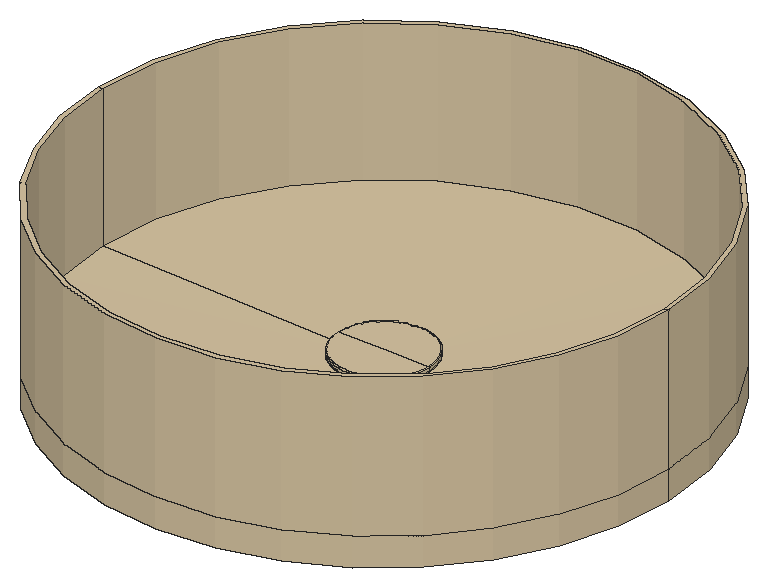
Revit family "Reece_Basin_Kado_Aspect_Above Counter Basin_400 mm_Round", category Plumbing Fixtures, host Face, Revit 2018
Family settings
  Host = Face
  Round Connector Dimension = Use Diameter
  Part Type = Normal
  Cut with Voids When Loaded = No
  Shared = Yes
  Room Calculation Point = Yes
Parameters
  WFU = 0  # constant formula
  URL = "https://www.reece.com.au/product/-1806088"
  Type Comments = "Basin"
  Reece_Product_Web Page = "https://www.reece.com.au/product/-1806088"
  Reece_Product_Type = "Basin"  # constant formula
  Reece_Product_Sub Brand = "Aspect"  # constant formula
  Reece_Product_Number = "1806088"
  Reece_Product_Mount = "Above Counter"
  Reece_Product_Description = "Kado Aspect Stainless Steel Basin Round 400mm with Plug & Waste Brushed Gold"
  Reece_Product_Brand = "Kado"  # constant formula
  Reece_Overall_Height = 120 mm  # constant formula
  Reece_Overall_Diameter = 400 mm  # constant formula
  Reece_Overall_Capacity = 12.00 L  # constant formula
  Reece_Material-Main = Reece_Brass_Brushed Gold
  Reece_Detail_Installation = "Above Counter Basin"  # constant formula
  Reece_Detail_Disclaimer = "THIS FILE IS THE PROPERTY OF THE REECE GROUP. IT MAY NOT BE REPRODUCED, REVERSE-ENGINEERED OR MODIFIED. ANY REPUBLICATION, TRANSMISSION OR DISTRIBUTION FOR THE PURPOSE OF COMMERCIALLY EXPLOITING THE FILES IS PROHIBITED."  # constant formula
  Reece_Detail_Connector = ""
  Reece_Detail_Additional = ""
  Reece_Basin_Outlet = 40 mm  # constant formula
  Model = "Aspect"
  Manufacturer = "Kado"
  Keynote = "Product #1806088, Reece_Basin_Kado_Aspect_Above Counter Basin_400 mm_Round -  "
  HWFU = 0  # constant formula
  Disclaimer = "THIS FILE IS THE PROPERTY OF THE REECE GROUP. IT MAY NOT BE REPRODUCED, REVERSE-ENGINEERED OR MODIFIED. ANY REPUBLICATION, TRANSMISSION OR DISTRIBUTION FOR THE PURPOSE OF COMMERCIALLY EXPLOITING THE FILES IS PROHIBITED."  # constant formula
  Description = "Kado Aspect Stainless Steel Basin Round 400mm with Plug & Waste Brushed Gold"
  Default Elevation = 0 mm
  CWFU = 0  # constant formula
Types (4, lengths in mm): name | URL | Reece_Product_Web Page | Reece_Product_Number | Reece_Product_Description | Reece_Material-Main | Keynote | Description
  (no name) | "https://www.reece.com.au/product/-1806088" | "https://www.reece.com.au/product/-1806088" | "1806088" | "Kado Aspect Stainless Steel Basin Round 400mm with Plug & Waste Brushed Gold" | Reece_Brass_Brushed Gold | "Product #1806088, Reece_Basin_Kado_Aspect_Above Counter Basin_400 mm_Round -  " | "Kado Aspect Stainless Steel Basin Round 400mm with Plug & Waste Brushed Gold"
  Brushed Gunmetal | "https://www.reece.com.au/product/-1806087" | "https://www.reece.com.au/product/-1806087" | "1806087" | "Kado Aspect Stainless Steel Basin Round 400mm with Plug & Waste Brushed Gunmetal" | Reece_Brass_Brushed Gunmetal | "Product #1806087, Reece_Basin_Kado_Aspect_Above Counter Basin_400 mm_Round - Brushed Gunmetal" | "Kado Aspect Stainless Steel Basin Round 400mm with Plug & Waste Brushed Gunmetal"
  Brushed Nickel | "https://www.reece.com.au/product/-1806089" | "https://www.reece.com.au/product/-1806089" | "1806089" | "Kado Aspect Stainless Steel Basin Round 400mm with Plug & Waste Brushed Nickel" | Reece_Brass_Brushed Nickel | "Product #1806089, Reece_Basin_Kado_Aspect_Above Counter Basin_400 mm_Round - Brushed Nickel" | "Kado Aspect Stainless Steel Basin Round 400mm with Plug & Waste Brushed Nickel"
  Brushed Gold | "https://www.reece.com.au/product/-1806088" | "https://www.reece.com.au/product/-1806088" | "1806088" | "Kado Aspect Stainless Steel Basin Round 400mm with Plug & Waste Brushed Gold" | Reece_Brass_Brushed Gold | "Product #1806088, Reece_Basin_Kado_Aspect_Above Counter Basin_400 mm_Round - Brushed Gold" | "Kado Aspect Stainless Steel Basin Round 400mm with Plug & Waste Brushed Gold"
Reference planes
  plane 1 "Center (Front/Back)": y = -79.125
  plane 2 "Bottom": z = 0
  plane 3 "Center (Left/Right)": x = 0
  plane 4: y = 120.875
  plane 5: x = 200
  plane 6: x = -200
  plane 7: y = -279.125
  plane 8 "Top": z = 120
Forms (mm)
  Revolve 1, solid, material "Reece_Brass_Brushed Gold" <- "Reece_Material-Main"
    sketch origin (0, -79.125, -40) x (1, 0, 0) y (0, 0, 1)
      loop
        line (197, 160) -> (197, 61.378)
        arc (197, 61.378) -> (110.683, 59.349) -> (24.347, 58.455) r 6568.812
        line (24.347, 58.455) -> (21.015, 52.683) -> (20, 52.683) -> (20, 40) -> (21.502, 40) -> (21.502, 51.183) -> (24.862, 57.003)
        arc (24.862, 57.003) -> (110.941, 57.892) -> (197, 59.909) r 6571.812
        line (197, 59.909) -> (197, 43) -> (177, 43) -> (177, 40) -> (197, 40) -> (200, 40) -> (200, 60) -> (200, 160) -> (197, 160)
      axis (0, 160) -> (0, 40)
    angle from 0 to 360
  Revolve 2, solid, material "Reece_Brass_Brushed Gold" <- "Reece_Material-Main"
    sketch origin (0, -79.125, -40) x (1, 0, 0) y (0, 0, 1)
      loop
        line (0, 65.293) -> (0, 56.715) -> (19.274, 56.715) -> (22.38, 62.094) -> (31.5, 62.094)
        arc (31.5, 62.094) -> (31.854, 62.24) -> (32, 62.594) r 0.5
        line (32, 62.594) -> (32, 64.793)
        arc (32, 64.793) -> (31.854, 65.147) -> (31.5, 65.293) r 0.5
        line (31.5, 65.293) -> (0, 65.293)
      axis (0, 56.715) -> (0, 65.293)
    angle from 0 to 360
  Revolve 3, void
    sketch origin (0, -79.125, 0) x (1, 0, 0) y (0, 0, 1)
      loop
        line (0, 0) -> (0, -120) -> (25, -120) -> (25, 0) -> (0, 0)
      axis (0, -120) -> (0, 0)
    angle from 0 to 360
Text (mm)
  text "Reece Copyright © 2018, Reece Ltd." at (-902.343, -740.328, 0), in view "Ref. Level"
  text "Reece ©" at (44.384, 258.95, 192.345), in view "Reece Preview"
Dimensions and locks
  equal spacing: plane 6, plane 3 "Center (Left/Right)", plane 5
  "Reece_Overall_Diameter": plane 6 to plane 5
  plane 4 to plane 7 = 400 mm
  equal spacing: plane 4, plane 1 "Center (Front/Back)", plane 7
  "Reece_Overall_Height": plane 8 "Top" to plane 2 "Bottom"
  "Reece_Overall_Diameter": plane 6 to Revolve 1
  "Reece_Overall_Diameter": plane 4 to plane 8 "Top"
  aligned and locked: host face to plane 2 "Bottom"
  aligned and locked: level to host face
Automatic sketch dimensions
  host sketch curve to host sketch curve = 801.051 mm
  host sketch curve to host sketch curve = 660.299 mm
  Revolve 2 sketch curve to plane 3 "Center (Left/Right)" = 0 mm  (x2)
  plane 3 "Center (Left/Right)" to Revolve 2 sketch curve = 22.38 mm
  Revolve 2 sketch curve to Revolve 2 sketch curve = 9.12 mm
  Revolve 2 sketch curve to Revolve 2 sketch curve = 0 mm
  Revolve 2 sketch curve to Revolve 2 sketch curve = 0.5 mm
  level to Revolve 2 sketch curve = 22.094 mm
  Revolve 2 sketch curve to Revolve 2 sketch curve = 2.199 mm
  Revolve 2 sketch curve to Revolve 2 sketch curve = 3.106 mm
  Revolve 2 sketch curve to level = 40 mm
  Revolve 2 sketch curve to Revolve 2 sketch curve = 29.707 mm
  Revolve 2 sketch curve to Revolve 2 sketch curve = 5.379 mm
  Revolve 1 sketch curve to plane 3 "Center (Left/Right)" = 0 mm
  plane 3 "Center (Left/Right)" to Revolve 1 sketch curve = 0 mm
  Revolve 1 sketch curve to level = 0 mm  (x2)
  Revolve 1 sketch curve to plane 8 "Top" = 0 mm
  Revolve 1 sketch curve to plane 5 = 0 mm
  Revolve 1 sketch curve to plane 3 "Center (Left/Right)" = 0.539 mm
  plane 3 "Center (Left/Right)" to Revolve 1 sketch curve = 20 mm
  Revolve 1 sketch curve to Revolve 1 sketch curve = 1.015 mm
  Revolve 1 sketch curve to Revolve 1 sketch curve = 0.487 mm
  Revolve 1 sketch curve to Revolve 1 sketch curve = 3.332 mm
  Revolve 1 sketch curve to Revolve 1 sketch curve = 0.515 mm
  Revolve 1 sketch curve to plane 5 = 23 mm
  Revolve 1 sketch curve to plane 5 = 3 mm  (x3)
  Revolve 1 sketch curve to Revolve 1 sketch curve = 3 mm
  Revolve 1 sketch curve to Revolve 1 sketch curve = 11.183 mm
  Revolve 1 sketch curve to Revolve 1 sketch curve = 1.5 mm
  Revolve 1 sketch curve to Revolve 1 sketch curve = 4.32 mm
  Revolve 1 sketch curve to Revolve 1 sketch curve = 1.452 mm
  Revolve 1 sketch curve to Revolve 1 sketch curve = 16.909 mm
  Revolve 1 sketch curve to Revolve 1 sketch curve = 0.091 mm
  Revolve 1 sketch curve to Revolve 1 sketch curve = 1.469 mm
  Revolve 1 sketch curve to level = 130.208 mm
  plane 8 "Top" to Revolve 1 sketch curve = 80 mm
  Revolve 3 sketch curve to plane 3 "Center (Left/Right)" = 0 mm  (x2)
  Revolve 3 sketch curve to level = 0 mm
  plane 3 "Center (Left/Right)" to Revolve 3 sketch curve = 25 mm
  Revolve 3 sketch curve to level = 120 mm
  Revolve 3 sketch curve to Revolve 3 sketch curve = 50 mm
  Revolve 3 sketch curve to plane 8 "Top" = 25 mm
Connectors
  piping at (0, -79.125, 0), diameter 40, driven by "Reece_Basin_Outlet"
    settings: on Revolve 1, index 1, connector inside diameter 609.6 mm, connector length 0 mm, flow factor 0, pipe flow 0.0 L/s, pressure drop 0.0 Pa, fitting loss kfactor 0, connector angle 0.00°, fixture units 0, engagement length 0 mm, angle of deflection 0.00°, flow configuration 0, flow direction 2, fitting loss method 0, system type 16, joint type 0, gender type 0, connector reference index -1, connector utility 0, adjustable connector no, is connector primary yes, connector description ""
